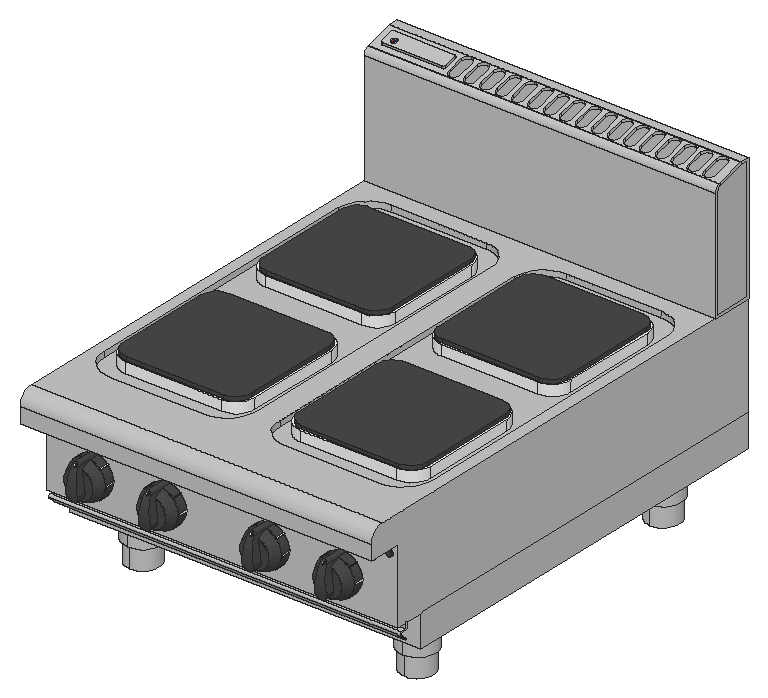
Revit family "QF_Moffat_RN8400SE-B_Electric_Cooktops_Sealed_Hobs_cat", category Specialty Equipment, Revit 2019 (continued)
Definition of nested family "High and Low Option"
  Automatic sketch dimensions
    Extrusion 2 sketch curve to Extrusion 2 sketch curve = 0.857 mm
    Extrusion 2 sketch curve to Extrusion 2 sketch curve = 9.154 mm
    Extrusion 2 sketch curve to Extrusion 2 sketch curve = 0.117 mm
    Extrusion 2 sketch curve to Extrusion 2 sketch curve = 0 mm
    Extrusion 9 sketch curve to Extrusion 9 sketch curve = 6.522 mm
    Extrusion 9 sketch curve to Extrusion 9 sketch curve = 8.8 mm
    Extrusion 9 sketch curve to Extrusion 9 sketch curve = 46.135 mm
    Extrusion 9 sketch curve to Extrusion 9 sketch curve = 63.6 mm
    Extrusion 9 sketch curve to Extrusion 9 sketch curve = 12.362 mm
    Extrusion 9 sketch curve to Extrusion 9 sketch curve = 187.738 mm
    Extrusion 8 sketch curve to Extrusion 8 sketch curve = 63.6 mm
    Extrusion 8 sketch curve to Extrusion 8 sketch curve = 187.855 mm
    Extrusion 8 sketch curve to Extrusion 8 sketch curve = 6.522 mm
    Extrusion 8 sketch curve to Extrusion 8 sketch curve = 2.278 mm
    Extrusion 8 sketch curve to Extrusion 8 sketch curve = 10.943 mm
    Extrusion 8 sketch curve to Extrusion 8 sketch curve = 0.117 mm
    Extrusion 8 sketch curve to Extrusion 8 sketch curve = 12.362 mm
    Extrusion 7 sketch curve to Extrusion 7 sketch curve = 5.694 mm
    Extrusion 7 sketch curve to Extrusion 7 sketch curve = 8.8 mm
    Extrusion 7 sketch curve to Extrusion 7 sketch curve = 0.857 mm
    Extrusion 7 sketch curve to Extrusion 7 sketch curve = 9.154 mm
    Extrusion 7 sketch curve to Extrusion 7 sketch curve = 0.117 mm
    Extrusion 7 sketch curve to Extrusion 7 sketch curve = 0 mm
  Nested families
    nested 1: "QF_LOGO_Waldorf" at (32, -70, 923.25), visible <- "Show Logo 1", type "QF_LOGO_Waldorf"
    nested 2: "QF_LOGO_Waldorf1" at (12.5, -38.053, 1110.468), visible <- "Show Logo 2", type "QF_LOGO_Waldorf1"
    nested 3: "QF_LOGO_Waldorf" at (32, -70, 923.25), visible <- "Show Logo 1", type "QF_LOGO_Waldorf", not visible
    nested 4: "QF_LOGO_Waldorf1" at (12.5, -38.053, 1110.468), visible <- "Show Logo 2", type "QF_LOGO_Waldorf1", not visible
  Definition of nested family "QF_LOGO_Waldorf"
    Parameters (values of type "QF_LOGO_Waldorf")
      Weight in Pounds = 0
      URL Cutsheet = ""
      Specification by User = ""
      Specification by Manufacturer = ""
      Serial Number = ""
      Seismic Rating = ""
      SMACNA No = ""
      Revision Code = ""
      NAFEM Spec ID Number = ""
      Masterspec = ""
      Length = 138 mm
      Item Number = ""
      Installed By = ""
      Identify Quantity as Lot = yes
      Height = 26.711 mm
      Furnished By = ""
      Foodservice Equipment Identifier = yes
      Depth = 3.175 mm
      CSI MasterFormat = ""
    Reference planes
      plane 1 "BACK": y = 0
      plane 2: z = 0
      plane 3 "LEFT": x = 0
      plane 4 "RIGHT": x = 138
      plane 5 "FRONT": y = -3.175
      plane 6 "TOP": z = 26.711
      plane 7 "Center Y": x = 69
      plane 8 "Center X": y = -1.587
    Forms (mm)
      Extrusion 1, solid
        sketch origin (0, 0, 0) x (1, 0, 0) y (0, 0, 1)
          loop
            line (109, 3.464) -> (109, 23.247)
            spline (109, 23.247) -> (108.966, 23.699) -> (108.864, 24.143) -> (108.696, 24.572) -> (108.464, 24.979) -> (108.173, 25.355) -> (107.828, 25.696) -> (107.435, 25.995) -> (107, 26.247) -> (106.531, 26.447) -> (106.035, 26.593) -> (105.522, 26.681) -> (105, 26.711)
            line (105, 26.711) -> (4, 26.711)
            spline (4, 26.711) -> (3.478, 26.681) -> (2.965, 26.593) -> (2.469, 26.447) -> (2, 26.247) -> (1.565, 25.995) -> (1.172, 25.696) -> (0.827, 25.355) -> (0.536, 24.979) -> (0.304, 24.572) -> (0.136, 24.143) -> (0.034, 23.699) -> (0, 23.247)
            line (0, 23.247) -> (0, 3.464)
            spline (0, 3.464) -> (0.034, 3.012) -> (0.136, 2.568) -> (0.304, 2.138) -> (0.536, 1.732) -> (0.827, 1.355) -> (1.172, 1.015) -> (1.565, 0.716) -> (2, 0.464) -> (2.469, 0.264) -> (2.965, 0.118) -> (3.478, 0.03) -> (4, 0)
            line (4, 0) -> (105, 0)
            spline (105, 0) -> (105.522, 0.03) -> (106.035, 0.118) -> (106.531, 0.264) -> (107, 0.464) -> (107.435, 0.716) -> (107.828, 1.015) -> (108.173, 1.355) -> (108.464, 1.732) -> (108.696, 2.138) -> (108.864, 2.568) -> (108.966, 3.012) -> (109, 3.464)
          loop
            line (14.75, 7.005) -> (14.75, 15.654)
            arc (14.75, 15.654) -> (10.425, 11.329) -> (14.75, 7.005) r 4.325
          loop
            line (15.25, 15.654) -> (15.25, 7.005)
            arc (15.25, 7.005) -> (19.575, 11.329) -> (15.25, 15.654) r 4.325
        from 0 to 3.2
      Extrusion 2, solid
        sketch origin (0, 0, 0) x (1, 0, 0) y (0, 0, 1)
          loop
            line (15.25, 15.654) -> (15.25, 7.005)
            arc (15.25, 7.005) -> (19.575, 11.329) -> (15.25, 15.654) r 4.325
        from 0 to 3.2
      Extrusion 3, solid
        sketch origin (16.271, 0, 0) x (-1, 0, 0) y (0, 0, -1)
          loop
            arc (1.521, -15.654) -> (5.846, -11.329) -> (1.521, -7.005) r 4.325
            line (1.521, -7.005) -> (1.521, -15.654)
        from 0 to 3.2
    Lines and regions (mm)
      Split face 1
        outline origin (0, -3.2, 0) x (1, 0, 0) y (0, 0, 1)
          loop
            spline (22.129, 16.975) -> (22.389, 15.984) -> (22.649, 15.002) -> (22.91, 14.028) -> (23.172, 13.065) -> (23.433, 12.11) -> (23.695, 11.166) -> (23.956, 10.232) -> (24.218, 9.308) -> (24.479, 8.396) -> (24.74, 7.495) -> (25, 6.605) -> (25.26, 5.728)
            line (25.26, 5.728) -> (29.463, 5.728)
            spline (29.463, 5.728) -> (29.582, 6.252) -> (29.701, 6.78) -> (29.82, 7.313) -> (29.939, 7.85) -> (30.058, 8.391) -> (30.178, 8.936) -> (30.297, 9.485) -> (30.416, 10.038) -> (30.536, 10.594) -> (30.655, 11.155) -> (30.775, 11.719) -> (30.894, 12.287)
            spline (30.894, 12.287) -> (31.018, 11.719) -> (31.142, 11.155) -> (31.266, 10.594) -> (31.39, 10.038) -> (31.514, 9.485) -> (31.638, 8.936) -> (31.762, 8.391) -> (31.885, 7.85) -> (32.009, 7.313) -> (32.133, 6.78) -> (32.256, 6.252) -> (32.379, 5.728)
            line (32.379, 5.728) -> (36.51, 5.728)
            spline (36.51, 5.728) -> (36.766, 6.605) -> (37.023, 7.495) -> (37.28, 8.396) -> (37.538, 9.308) -> (37.795, 10.232) -> (38.053, 11.166) -> (38.311, 12.11) -> (38.569, 13.065) -> (38.826, 14.028) -> (39.083, 15.002) -> (39.34, 15.984) -> (39.597, 16.975)
            line (39.597, 16.975) -> (35.637, 16.975)
            spline (35.637, 16.975) -> (35.523, 16.334) -> (35.41, 15.697) -> (35.296, 15.063) -> (35.182, 14.433) -> (35.068, 13.807) -> (34.954, 13.185) -> (34.84, 12.566) -> (34.726, 11.952) -> (34.612, 11.342) -> (34.497, 10.737) -> (34.383, 10.135) -> (34.269, 9.538)
            spline (34.269, 9.538) -> (34.138, 10.135) -> (34.008, 10.737) -> (33.877, 11.342) -> (33.746, 11.952) -> (33.616, 12.566) -> (33.485, 13.185) -> (33.354, 13.807) -> (33.224, 14.433) -> (33.093, 15.063) -> (32.963, 15.697) -> (32.833, 16.334) -> (32.703, 16.975)
            line (32.703, 16.975) -> (29.247, 16.975)
            spline (29.247, 16.975) -> (29.111, 16.334) -> (28.974, 15.697) -> (28.837, 15.063) -> (28.7, 14.433) -> (28.562, 13.807) -> (28.425, 13.185) -> (28.288, 12.566) -> (28.15, 11.952) -> (28.013, 11.342) -> (27.875, 10.737) -> (27.738, 10.135) -> (27.6, 9.538)
            spline (27.6, 9.538) -> (27.483, 10.135) -> (27.366, 10.737) -> (27.249, 11.342) -> (27.132, 11.952) -> (27.015, 12.566) -> (26.897, 13.185) -> (26.78, 13.807) -> (26.663, 14.433) -> (26.546, 15.063) -> (26.43, 15.697) -> (26.313, 16.334) -> (26.196, 16.975)
            line (26.196, 16.975) -> (22.129, 16.975)
      Split face 2
        outline origin (0, -3.2, 0) x (1, 0, 0) y (0, 0, 1)
          loop
            line (51.449, 5.728) -> (51.035, 6.606) -> (51.035, 11.169)
            spline (51.035, 11.169) -> (50.686, 12.42) -> (50.176, 13.224) -> (49.51, 13.708) -> (48.693, 13.995) -> (47.747, 14.152) -> (46.698, 14.207) -> (45.579, 14.186) -> (44.419, 14.114) -> (43.279, 13.929) -> (42.249, 13.481) -> (41.424, 12.614) -> (40.897, 11.169)
            line (40.897, 11.169) -> (44.617, 11.169) -> (44.988, 11.965)
            spline (44.988, 11.965) -> (47.294, 11.682) -> (46.856, 10.932) -> (45.527, 10.609) -> (43.858, 10.439) -> (42.259, 10.123) -> (41.078, 9.417) -> (40.563, 8.246) -> (40.689, 6.989) -> (41.407, 6.052) -> (42.774, 5.536) -> (44.847, 5.497) -> (47.306, 6.602)
            line (47.306, 6.602) -> (47.624, 5.728) -> (51.449, 5.728)
      Split face 3
        outline origin (0, -3.2, 0) x (1, 0, 0) y (0, 0, 1)
          loop
            line (47.264, 9.264) -> (44.938, 8.597)
            spline (44.938, 8.597) -> (44.508, 8.228) -> (44.402, 7.9) -> (44.548, 7.626) -> (44.877, 7.42) -> (45.317, 7.295) -> (45.797, 7.265) -> (46.252, 7.342) -> (46.65, 7.525) -> (46.971, 7.813) -> (47.194, 8.201) -> (47.298, 8.685) -> (47.264, 9.264)
      Split face 4
        outline origin (0, -3.2, 0) x (1, 0, 0) y (0, 0, 1)
          loop
            line (53.33, 16.975) -> (53.33, 5.728) -> (57.173, 5.728) -> (57.173, 16.975) -> (53.33, 16.975)
      Split face 5
        outline origin (0, -3.2, 0) x (1, 0, 0) y (0, 0, 1)
          loop
            line (65.795, 16.975) -> (65.795, 12.976)
            spline (65.795, 12.976) -> (63.839, 14.082) -> (62.087, 14.096) -> (60.633, 13.343) -> (59.574, 12.148) -> (58.99, 10.806) -> (58.867, 9.452) -> (59.156, 8.159) -> (59.81, 7) -> (60.786, 6.056) -> (62.111, 5.514) -> (63.868, 5.634) -> (66.137, 6.679)
            line (66.137, 6.679) -> (66.137, 5.728) -> (69.511, 5.728) -> (69.511, 16.975) -> (65.795, 16.975)
      Split face 6
        outline origin (0, -3.2, 0) x (1, 0, 0) y (0, 0, 1)
          loop
            spline (64.273, 7.499) -> (64.754, 7.57) -> (65.202, 7.777) -> (65.587, 8.106) -> (65.882, 8.535) -> (66.067, 9.034) -> (66.131, 9.57) -> (66.067, 10.106) -> (65.882, 10.605) -> (65.587, 11.034) -> (65.202, 11.363) -> (64.754, 11.57) -> (64.273, 11.64)
            spline (64.273, 11.64) -> (63.793, 11.57) -> (63.345, 11.363) -> (62.96, 11.034) -> (62.665, 10.605) -> (62.479, 10.106) -> (62.416, 9.57) -> (62.479, 9.034) -> (62.665, 8.535) -> (62.96, 8.106) -> (63.345, 7.777) -> (63.793, 7.57) -> (64.273, 7.499)
      Split face 7
        outline origin (0, -3.2, 0) x (1, 0, 0) y (0, 0, 1)
          loop
            spline (76.449, 5.305) -> (77.855, 5.457) -> (79.166, 5.901) -> (80.291, 6.607) -> (81.155, 7.527) -> (81.698, 8.599) -> (81.883, 9.749) -> (81.698, 10.899) -> (81.155, 11.97) -> (80.291, 12.891) -> (79.166, 13.597) -> (77.855, 14.041) -> (76.449, 14.192)
            spline (76.449, 14.192) -> (75.042, 14.041) -> (73.731, 13.597) -> (72.606, 12.891) -> (71.742, 11.97) -> (71.199, 10.899) -> (71.014, 9.749) -> (71.199, 8.599) -> (71.742, 7.527) -> (72.606, 6.607) -> (73.731, 5.901) -> (75.042, 5.457) -> (76.449, 5.305)
      Split face 8
        outline origin (0, -3.2, 0) x (1, 0, 0) y (0, 0, 1)
          loop
            spline (76.449, 7.654) -> (76.841, 7.725) -> (77.206, 7.934) -> (77.52, 8.267) -> (77.76, 8.701) -> (77.912, 9.206) -> (77.963, 9.749) -> (77.912, 10.291) -> (77.76, 10.796) -> (77.52, 11.23) -> (77.206, 11.563) -> (76.841, 11.772) -> (76.449, 11.843)
            spline (76.449, 11.843) -> (76.057, 11.772) -> (75.691, 11.563) -> (75.378, 11.23) -> (75.137, 10.796) -> (74.986, 10.291) -> (74.934, 9.749) -> (74.986, 9.206) -> (75.137, 8.701) -> (75.378, 8.267) -> (75.691, 7.934) -> (76.057, 7.725) -> (76.449, 7.654)
      Split face 9
        outline origin (0, -3.2, 0) x (1, 0, 0) y (0, 0, 1)
          loop
            line (86.998, 12.335) -> (86.998, 13.879) -> (83.479, 13.879) -> (83.479, 5.728) -> (87.312, 5.728) -> (87.312, 8.975)
            spline (87.312, 8.975) -> (87.364, 9.356) -> (87.458, 9.686) -> (87.594, 9.968) -> (87.769, 10.204) -> (87.982, 10.398) -> (88.229, 10.55) -> (88.509, 10.666) -> (88.82, 10.746) -> (89.16, 10.794) -> (89.525, 10.812) -> (89.915, 10.803) -> (90.327, 10.77)
            line (90.327, 10.77) -> (90.327, 14.113)
            spline (90.327, 14.113) -> (89.929, 14.127) -> (89.552, 14.111) -> (89.197, 14.066) -> (88.865, 13.991) -> (88.554, 13.887) -> (88.266, 13.754) -> (87.999, 13.591) -> (87.755, 13.399) -> (87.532, 13.177) -> (87.332, 12.926) -> (87.154, 12.645) -> (86.998, 12.335)
      Split face 10
        outline origin (0, -3.2, 0) x (1, 0, 0) y (0, 0, 1)
          loop
            line (92.082, 13.879) -> (90.894, 13.879) -> (90.894, 11.972) -> (92.082, 11.972) -> (92.082, 5.728) -> (95.871, 5.728) -> (95.871, 11.972) -> (97.5, 11.972) -> (97.5, 13.879) -> (95.871, 13.879)
            spline (95.871, 13.879) -> (95.843, 14.088) -> (95.845, 14.278) -> (95.877, 14.447) -> (95.939, 14.596) -> (96.03, 14.726) -> (96.151, 14.835) -> (96.301, 14.925) -> (96.482, 14.995) -> (96.692, 15.045) -> (96.931, 15.075) -> (97.201, 15.085) -> (97.5, 15.076)
            line (97.5, 15.076) -> (97.5, 17.266) -> (95.367, 17.266)
            spline (95.367, 17.266) -> (94.982, 17.253) -> (94.58, 17.21) -> (94.174, 17.132) -> (93.774, 17.013) -> (93.39, 16.846) -> (93.034, 16.627) -> (92.717, 16.349) -> (92.448, 16.007) -> (92.24, 15.595) -> (92.102, 15.106) -> (92.046, 14.537) -> (92.082, 13.879)
    Dimensions and locks
      equal spacing: plane 3 "LEFT", plane 7 "Center Y", plane 4 "RIGHT"
      "Length": plane 3 "LEFT" to plane 4 "RIGHT"
      equal spacing: plane 5 "FRONT", plane 8 "Center X", plane 1 "BACK"
      "Depth": plane 5 "FRONT" to plane 1 "BACK"
      "Height": plane 6 "TOP" to level
      plane 4 "RIGHT" to plane 3 "LEFT" = 138 mm
      aligned and locked: level to plane 2
    Automatic sketch dimensions
      Extrusion 1 sketch curve to plane 3 "LEFT" = 0 mm
      Extrusion 1 sketch curve to plane 6 "TOP" = 0 mm
      Extrusion 1 sketch curve to level = 0 mm
      plane 3 "LEFT" to Extrusion 1 sketch curve = 4 mm  (x2)
      Extrusion 1 sketch curve to Extrusion 1 sketch curve = 10.75 mm
      Extrusion 1 sketch curve to Extrusion 1 sketch curve = 0.5 mm
      plane 4 "RIGHT" to Extrusion 1 sketch curve = 33 mm
      Extrusion 1 sketch curve to Extrusion 1 sketch curve = 0 mm  (x3)
      Extrusion 1 sketch curve to Extrusion 1 sketch curve = 4 mm
      level to Extrusion 1 sketch curve = 3.464 mm  (x2)
      level to Extrusion 1 sketch curve = 7.005 mm
      Extrusion 1 sketch curve to Extrusion 1 sketch curve = 4.325 mm
      Extrusion 1 sketch curve to plane 6 "TOP" = 3.464 mm  (x2)
      Extrusion 2 sketch curve to Extrusion 2 sketch curve = 4.325 mm
      level to Extrusion 2 sketch curve = 7.005 mm
      plane 3 "LEFT" to Extrusion 2 sketch curve = 15.25 mm
      Extrusion 3 sketch curve to Extrusion 3 sketch curve = 4.325 mm
      Extrusion 3 sketch curve to level = 7.005 mm
      Extrusion 3 sketch curve to plane 3 "LEFT" = 14.75 mm
      Extrusion 1 to Split face 1 sketch curve = 6.879 mm
      Split face 1 sketch curve to Extrusion 1 = 5.728 mm
      Split face 1 sketch curve to Split face 1 sketch curve = 3.132 mm
      Split face 1 sketch curve to Split face 1 sketch curve = 4.068 mm
      Split face 1 sketch curve to Split face 1 sketch curve = 3.051 mm
      Split face 1 sketch curve to Split face 1 sketch curve = 4.203 mm
      Split face 1 sketch curve to Split face 1 sketch curve = 2.916 mm
      Split face 1 sketch curve to Split face 1 sketch curve = 3.456 mm
      Split face 1 sketch curve to Split face 1 sketch curve = 2.934 mm
      Split face 1 sketch curve to Split face 1 sketch curve = 4.131 mm
      Split face 1 sketch curve to Split face 1 sketch curve = 3.96 mm
      Split face 1 sketch curve to Split face 1 sketch curve = 0 mm  (x2)
      Split face 1 sketch curve to Extrusion 1 = 9.736 mm  (x2)
      Extrusion 1 to Split face 1 sketch curve = 6.337 mm
      Extrusion 1 to Split face 1 sketch curve = 6.231 mm
      Extrusion 1 to Split face 1 sketch curve = 3.184 mm
      Extrusion 1 to Split face 1 sketch curve = 13.135 mm
      Split face 1 sketch curve to Split face 1 sketch curve = 4.652 mm
      Split face 1 sketch curve to Split face 1 sketch curve = 3.593 mm
      Split face 1 sketch curve to Split face 1 sketch curve = 1.863 mm
      Split face 1 sketch curve to Split face 1 sketch curve = 0.713 mm
      Split face 1 sketch curve to Split face 1 sketch curve = 2.684 mm
      Split face 1 sketch curve to Split face 1 sketch curve = 3.294 mm
      Split face 1 sketch curve to Split face 1 sketch curve = 0.459 mm
      Split face 1 sketch curve to Split face 1 sketch curve = 2.775 mm
      Split face 1 sketch curve to Split face 1 sketch curve = 1.89 mm
      Split face 1 sketch curve to Split face 1 sketch curve = 0.685 mm
      Split face 1 sketch curve to Split face 1 sketch curve = 9.486 mm
      Split face 1 sketch curve to Split face 1 sketch curve = 16.213 mm
      Split face 1 sketch curve to Split face 1 sketch curve = 3.48 mm
      Split face 1 sketch curve to Split face 1 sketch curve = 4.918 mm
      Split face 1 sketch curve to Split face 1 sketch curve = 7.609 mm
      Split face 1 sketch curve to Split face 1 sketch curve = 0.01 mm  (x2)
      Split face 1 sketch curve to Split face 1 sketch curve = 0.002 mm
      Split face 2 sketch curve to Extrusion 1 = 11.169 mm
      Extrusion 1 to Split face 2 sketch curve = 25.647 mm
      Split face 2 sketch curve to Split face 2 sketch curve = 3.72 mm
      Split face 2 sketch curve to Extrusion 1 = 11.965 mm
      Split face 2 sketch curve to Split face 2 sketch curve = 0.371 mm
      Split face 2 sketch curve to Extrusion 1 = 6.602 mm
      Split face 2 sketch curve to Split face 2 sketch curve = 2.689 mm
      Split face 2 sketch curve to Split face 2 sketch curve = 0.318 mm
      Split face 2 sketch curve to Split face 2 sketch curve = 3.729 mm
      Split face 2 sketch curve to Split face 2 sketch curve = 0.414 mm
      Split face 2 sketch curve to Split face 2 sketch curve = 0.875 mm
      Split face 2 sketch curve to Split face 2 sketch curve = 0.878 mm
      Split face 3 sketch curve to Extrusion 1 = 8.597 mm
      Extrusion 1 to Split face 3 sketch curve = 29.688 mm
      Split face 3 sketch curve to Extrusion 1 = 9.264 mm
      Split face 3 sketch curve to Split face 3 sketch curve = 2.326 mm
      Split face 4 sketch curve to Extrusion 1 = 5.728 mm
      Extrusion 1 to Split face 4 sketch curve = 38.08 mm
      Split face 4 sketch curve to Split face 4 sketch curve = 3.843 mm
      Split face 4 sketch curve to Extrusion 1 = 9.736 mm
      Split face 5 sketch curve to Extrusion 1 = 12.976 mm
      Split face 5 sketch curve to Extrusion 1 = 43.205 mm
      Split face 5 sketch curve to Extrusion 1 = 6.679 mm
      Split face 5 sketch curve to Split face 5 sketch curve = 0.342 mm
      Split face 5 sketch curve to Split face 5 sketch curve = 3.375 mm
      Split face 5 sketch curve to Split face 5 sketch curve = 0.952 mm
      Split face 5 sketch curve to Split face 5 sketch curve = 3.998 mm
      Split face 6 sketch curve to Extrusion 1 = 7.499 mm
      Split face 6 sketch curve to Extrusion 1 = 44.727 mm
      Split face 6 sketch curve to Split face 6 sketch curve = 2.07 mm
      Split face 7 sketch curve to Extrusion 1 = 5.305 mm
      Split face 7 sketch curve to Extrusion 1 = 32.551 mm
      Split face 7 sketch curve to Split face 7 sketch curve = 4.443 mm
      Split face 8 sketch curve to Split face 8 sketch curve = 2.095 mm
      Split face 8 sketch curve to Extrusion 1 = 7.654 mm
      Split face 8 sketch curve to Extrusion 1 = 32.551 mm
      Split face 9 sketch curve to Extrusion 1 = 5.728 mm
      Split face 9 sketch curve to Extrusion 1 = 25.521 mm
      Split face 9 sketch curve to Split face 9 sketch curve = 3.519 mm
      Split face 9 sketch curve to Split face 9 sketch curve = 0.315 mm
      Split face 9 sketch curve to Split face 9 sketch curve = 3.33 mm
      Split face 9 sketch curve to Split face 9 sketch curve = 3.248 mm
      Split face 9 sketch curve to Split face 9 sketch curve = 1.795 mm
      Split face 9 sketch curve to Split face 9 sketch curve = 3.36 mm
      Split face 9 sketch curve to Split face 9 sketch curve = 1.545 mm
      Split face 9 sketch curve to Split face 9 sketch curve = 0.233 mm
      Split face 10 sketch curve to Extrusion 1 = 18.106 mm
      Split face 10 sketch curve to Split face 10 sketch curve = 1.188 mm  (x2)
      Split face 10 sketch curve to Split face 10 sketch curve = 3.285 mm
      Split face 10 sketch curve to Split face 10 sketch curve = 3.789 mm
      Split face 10 sketch curve to Split face 10 sketch curve = 0 mm  (x2)
      Split face 10 sketch curve to Split face 10 sketch curve = 1.629 mm
      Split face 10 sketch curve to Split face 10 sketch curve = 2.133 mm
      Split face 10 sketch curve to Extrusion 1 = 5.728 mm
      Split face 10 sketch curve to Split face 10 sketch curve = 6.245 mm
      Split face 10 sketch curve to Split face 10 sketch curve = 1.907 mm  (x2)
      Split face 10 sketch curve to Split face 10 sketch curve = 1.197 mm
      Split face 10 sketch curve to Split face 10 sketch curve = 2.19 mm
  Definition of nested family "QF_LOGO_Waldorf1"
    Parameters (values of type "QF_LOGO_Waldorf1")
      Weight in Pounds = 0
      URL Cutsheet = ""
      Specification by User = ""
      Specification by Manufacturer = ""
      Serial Number = ""
      Seismic Rating = ""
      SMACNA No = ""
      Revision Code = ""
      NAFEM Spec ID Number = ""
      Masterspec = ""
      Length = 138 mm
      Item Number = ""
      Installed By = ""
      Identify Quantity as Lot = yes
      Height = 26.711 mm
      Furnished By = ""
      Foodservice Equipment Identifier = yes
      Depth = 3.175 mm
      CSI MasterFormat = ""
    Reference planes
      plane 1 "BACK": y = 0
      plane 2: z = 0
      plane 3 "LEFT": x = 0
      plane 4 "RIGHT": x = 138
      plane 5 "FRONT": y = -3.175
      plane 6 "TOP": z = 26.711
      plane 7 "Center Y": x = 69
      plane 8 "Center X": y = -1.587
    Forms (mm)
      Extrusion 1, solid
        sketch origin (0, -12.9, 9.899) x (1, 0, 0) y (0, 0.965926, 0.258819)
          loop
            line (109, 3.464) -> (109, 23.247)
            spline (109, 23.247) -> (108.966, 23.699) -> (108.864, 24.143) -> (108.696, 24.572) -> (108.464, 24.979) -> (108.173, 25.355) -> (107.828, 25.696) -> (107.435, 25.995) -> (107, 26.247) -> (106.531, 26.447) -> (106.035, 26.593) -> (105.522, 26.681) -> (105, 26.711)
            line (105, 26.711) -> (4, 26.711)
            spline (4, 26.711) -> (3.478, 26.681) -> (2.965, 26.593) -> (2.469, 26.447) -> (2, 26.247) -> (1.565, 25.995) -> (1.172, 25.696) -> (0.827, 25.355) -> (0.536, 24.979) -> (0.304, 24.572) -> (0.136, 24.143) -> (0.034, 23.699) -> (0, 23.247)
            line (0, 23.247) -> (0, 3.464)
            spline (0, 3.464) -> (0.034, 3.012) -> (0.136, 2.568) -> (0.304, 2.138) -> (0.536, 1.732) -> (0.827, 1.355) -> (1.172, 1.015) -> (1.565, 0.716) -> (2, 0.464) -> (2.469, 0.264) -> (2.965, 0.118) -> (3.478, 0.03) -> (4, 0)
            line (4, 0) -> (105, 0)
            spline (105, 0) -> (105.522, 0.03) -> (106.035, 0.118) -> (106.531, 0.264) -> (107, 0.464) -> (107.435, 0.716) -> (107.828, 1.015) -> (108.173, 1.355) -> (108.464, 1.732) -> (108.696, 2.138) -> (108.864, 2.568) -> (108.966, 3.012) -> (109, 3.464)
          loop
            line (14.75, 7.005) -> (14.75, 15.654)
            arc (14.75, 15.654) -> (10.425, 11.329) -> (14.75, 7.005) r 4.325
          loop
            line (15.25, 15.654) -> (15.25, 7.005)
            arc (15.25, 7.005) -> (19.575, 11.329) -> (15.25, 15.654) r 4.325
        from 0 to 3.2
      Extrusion 2, solid
        sketch origin (0, -12.9, 9.899) x (1, 0, 0) y (0, 0.965926, 0.258819)
          loop
            line (15.25, 15.654) -> (15.25, 7.005)
            arc (15.25, 7.005) -> (19.575, 11.329) -> (15.25, 15.654) r 4.325
        from 0 to 3.2
      Extrusion 3, solid
        sketch origin (16.271, -12.9, 9.899) x (-1, 0, 0) y (0, -0.965926, -0.258819)
          loop
            arc (1.521, -15.654) -> (5.846, -11.329) -> (1.521, -7.005) r 4.325
            line (1.521, -7.005) -> (1.521, -15.654)
        from 0 to 3.2
    Lines and regions (mm)
      Split face 1
        outline origin (0, -13.729, 12.99) x (1, 0, 0) y (0, 0.965926, 0.258819)
          loop
            spline (22.129, 16.975) -> (22.389, 15.984) -> (22.649, 15.002) -> (22.91, 14.028) -> (23.172, 13.065) -> (23.433, 12.11) -> (23.695, 11.166) -> (23.956, 10.232) -> (24.218, 9.308) -> (24.479, 8.396) -> (24.74, 7.495) -> (25, 6.605) -> (25.26, 5.728)
            line (25.26, 5.728) -> (29.463, 5.728)
            spline (29.463, 5.728) -> (29.582, 6.252) -> (29.701, 6.78) -> (29.82, 7.313) -> (29.939, 7.85) -> (30.058, 8.391) -> (30.178, 8.936) -> (30.297, 9.485) -> (30.416, 10.038) -> (30.536, 10.594) -> (30.655, 11.155) -> (30.775, 11.719) -> (30.894, 12.287)
            spline (30.894, 12.287) -> (31.018, 11.719) -> (31.142, 11.155) -> (31.266, 10.594) -> (31.39, 10.038) -> (31.514, 9.485) -> (31.638, 8.936) -> (31.762, 8.391) -> (31.885, 7.85) -> (32.009, 7.313) -> (32.133, 6.78) -> (32.256, 6.252) -> (32.379, 5.728)
            line (32.379, 5.728) -> (36.51, 5.728)
            spline (36.51, 5.728) -> (36.766, 6.605) -> (37.023, 7.495) -> (37.28, 8.396) -> (37.538, 9.308) -> (37.795, 10.232) -> (38.053, 11.166) -> (38.311, 12.11) -> (38.569, 13.065) -> (38.826, 14.028) -> (39.083, 15.002) -> (39.34, 15.984) -> (39.597, 16.975)
            line (39.597, 16.975) -> (35.637, 16.975)
            spline (35.637, 16.975) -> (35.523, 16.334) -> (35.41, 15.697) -> (35.296, 15.063) -> (35.182, 14.433) -> (35.068, 13.807) -> (34.954, 13.185) -> (34.84, 12.566) -> (34.726, 11.952) -> (34.612, 11.342) -> (34.497, 10.737) -> (34.383, 10.135) -> (34.269, 9.538)
            spline (34.269, 9.538) -> (34.138, 10.135) -> (34.008, 10.737) -> (33.877, 11.342) -> (33.746, 11.952) -> (33.616, 12.566) -> (33.485, 13.185) -> (33.354, 13.807) -> (33.224, 14.433) -> (33.093, 15.063) -> (32.963, 15.697) -> (32.833, 16.334) -> (32.703, 16.975)
            line (32.703, 16.975) -> (29.247, 16.975)
            spline (29.247, 16.975) -> (29.111, 16.334) -> (28.974, 15.697) -> (28.837, 15.063) -> (28.7, 14.433) -> (28.562, 13.807) -> (28.425, 13.185) -> (28.288, 12.566) -> (28.15, 11.952) -> (28.013, 11.342) -> (27.875, 10.737) -> (27.738, 10.135) -> (27.6, 9.538)
            spline (27.6, 9.538) -> (27.483, 10.135) -> (27.366, 10.737) -> (27.249, 11.342) -> (27.132, 11.952) -> (27.015, 12.566) -> (26.897, 13.185) -> (26.78, 13.807) -> (26.663, 14.433) -> (26.546, 15.063) -> (26.43, 15.697) -> (26.313, 16.334) -> (26.196, 16.975)
            line (26.196, 16.975) -> (22.129, 16.975)
      Split face 2
        outline origin (0, -13.729, 12.99) x (1, 0, 0) y (0, 0.965926, 0.258819)
          loop
            line (51.449, 5.728) -> (51.035, 6.606) -> (51.035, 11.169)
            spline (51.035, 11.169) -> (50.686, 12.42) -> (50.176, 13.224) -> (49.51, 13.708) -> (48.693, 13.995) -> (47.747, 14.152) -> (46.698, 14.207) -> (45.579, 14.186) -> (44.419, 14.114) -> (43.279, 13.929) -> (42.249, 13.481) -> (41.424, 12.614) -> (40.897, 11.169)
            line (40.897, 11.169) -> (44.617, 11.169) -> (44.988, 11.965)
            spline (44.988, 11.965) -> (47.294, 11.682) -> (46.856, 10.932) -> (45.527, 10.609) -> (43.858, 10.439) -> (42.259, 10.123) -> (41.078, 9.417) -> (40.563, 8.246) -> (40.689, 6.989) -> (41.407, 6.052) -> (42.774, 5.536) -> (44.847, 5.497) -> (47.306, 6.602)
            line (47.306, 6.602) -> (47.624, 5.728) -> (51.449, 5.728)
      Split face 3
        outline origin (0, -13.729, 12.99) x (1, 0, 0) y (0, 0.965926, 0.258819)
          loop
            line (47.264, 9.264) -> (44.938, 8.597)
            spline (44.938, 8.597) -> (44.508, 8.228) -> (44.402, 7.9) -> (44.548, 7.626) -> (44.877, 7.42) -> (45.317, 7.295) -> (45.797, 7.265) -> (46.252, 7.342) -> (46.65, 7.525) -> (46.971, 7.813) -> (47.194, 8.201) -> (47.298, 8.685) -> (47.264, 9.264)
      Split face 4
        outline origin (0, -13.729, 12.99) x (1, 0, 0) y (0, 0.965926, 0.258819)
          loop
            line (53.33, 16.975) -> (53.33, 5.728) -> (57.173, 5.728) -> (57.173, 16.975) -> (53.33, 16.975)
      Split face 5
        outline origin (0, -13.729, 12.99) x (1, 0, 0) y (0, 0.965926, 0.258819)
          loop
            line (65.795, 16.975) -> (65.795, 12.976)
            spline (65.795, 12.976) -> (63.839, 14.082) -> (62.087, 14.096) -> (60.633, 13.343) -> (59.574, 12.148) -> (58.99, 10.806) -> (58.867, 9.452) -> (59.156, 8.159) -> (59.81, 7) -> (60.786, 6.056) -> (62.111, 5.514) -> (63.868, 5.634) -> (66.137, 6.679)
            line (66.137, 6.679) -> (66.137, 5.728) -> (69.511, 5.728) -> (69.511, 16.975) -> (65.795, 16.975)
      Split face 6
        outline origin (0, -13.729, 12.99) x (1, 0, 0) y (0, 0.965926, 0.258819)
          loop
            spline (64.273, 7.499) -> (64.754, 7.57) -> (65.202, 7.777) -> (65.587, 8.106) -> (65.882, 8.535) -> (66.067, 9.034) -> (66.131, 9.57) -> (66.067, 10.106) -> (65.882, 10.605) -> (65.587, 11.034) -> (65.202, 11.363) -> (64.754, 11.57) -> (64.273, 11.64)
            spline (64.273, 11.64) -> (63.793, 11.57) -> (63.345, 11.363) -> (62.96, 11.034) -> (62.665, 10.605) -> (62.479, 10.106) -> (62.416, 9.57) -> (62.479, 9.034) -> (62.665, 8.535) -> (62.96, 8.106) -> (63.345, 7.777) -> (63.793, 7.57) -> (64.273, 7.499)
      Split face 7
        outline origin (0, -13.729, 12.99) x (1, 0, 0) y (0, 0.965926, 0.258819)
          loop
            spline (76.449, 5.305) -> (77.855, 5.457) -> (79.166, 5.901) -> (80.291, 6.607) -> (81.155, 7.527) -> (81.698, 8.599) -> (81.883, 9.749) -> (81.698, 10.899) -> (81.155, 11.97) -> (80.291, 12.891) -> (79.166, 13.597) -> (77.855, 14.041) -> (76.449, 14.192)
            spline (76.449, 14.192) -> (75.042, 14.041) -> (73.731, 13.597) -> (72.606, 12.891) -> (71.742, 11.97) -> (71.199, 10.899) -> (71.014, 9.749) -> (71.199, 8.599) -> (71.742, 7.527) -> (72.606, 6.607) -> (73.731, 5.901) -> (75.042, 5.457) -> (76.449, 5.305)
      Split face 8
        outline origin (0, -13.729, 12.99) x (1, 0, 0) y (0, 0.965926, 0.258819)
          loop
            spline (76.449, 7.654) -> (76.841, 7.725) -> (77.206, 7.934) -> (77.52, 8.267) -> (77.76, 8.701) -> (77.912, 9.206) -> (77.963, 9.749) -> (77.912, 10.291) -> (77.76, 10.796) -> (77.52, 11.23) -> (77.206, 11.563) -> (76.841, 11.772) -> (76.449, 11.843)
            spline (76.449, 11.843) -> (76.057, 11.772) -> (75.691, 11.563) -> (75.378, 11.23) -> (75.137, 10.796) -> (74.986, 10.291) -> (74.934, 9.749) -> (74.986, 9.206) -> (75.137, 8.701) -> (75.378, 8.267) -> (75.691, 7.934) -> (76.057, 7.725) -> (76.449, 7.654)
      Split face 9
        outline origin (0, -13.729, 12.99) x (1, 0, 0) y (0, 0.965926, 0.258819)
          loop
            line (86.998, 12.335) -> (86.998, 13.879) -> (83.479, 13.879) -> (83.479, 5.728) -> (87.312, 5.728) -> (87.312, 8.975)
            spline (87.312, 8.975) -> (87.364, 9.356) -> (87.458, 9.686) -> (87.594, 9.968) -> (87.769, 10.204) -> (87.982, 10.398) -> (88.229, 10.55) -> (88.509, 10.666) -> (88.82, 10.746) -> (89.16, 10.794) -> (89.525, 10.812) -> (89.915, 10.803) -> (90.327, 10.77)
            line (90.327, 10.77) -> (90.327, 14.113)
            spline (90.327, 14.113) -> (89.929, 14.127) -> (89.552, 14.111) -> (89.197, 14.066) -> (88.865, 13.991) -> (88.554, 13.887) -> (88.266, 13.754) -> (87.999, 13.591) -> (87.755, 13.399) -> (87.532, 13.177) -> (87.332, 12.926) -> (87.154, 12.645) -> (86.998, 12.335)
      Split face 10
        outline origin (0, -13.729, 12.99) x (1, 0, 0) y (0, 0.965926, 0.258819)
          loop
            line (92.082, 13.879) -> (90.894, 13.879) -> (90.894, 11.972) -> (92.082, 11.972) -> (92.082, 5.728) -> (95.871, 5.728) -> (95.871, 11.972) -> (97.5, 11.972) -> (97.5, 13.879) -> (95.871, 13.879)
            spline (95.871, 13.879) -> (95.843, 14.088) -> (95.845, 14.278) -> (95.877, 14.447) -> (95.939, 14.596) -> (96.03, 14.726) -> (96.151, 14.835) -> (96.301, 14.925) -> (96.482, 14.995) -> (96.692, 15.045) -> (96.931, 15.075) -> (97.201, 15.085) -> (97.5, 15.076)
            line (97.5, 15.076) -> (97.5, 17.266) -> (95.367, 17.266)
            spline (95.367, 17.266) -> (94.982, 17.253) -> (94.58, 17.21) -> (94.174, 17.132) -> (93.774, 17.013) -> (93.39, 16.846) -> (93.034, 16.627) -> (92.717, 16.349) -> (92.448, 16.007) -> (92.24, 15.595) -> (92.102, 15.106) -> (92.046, 14.537) -> (92.082, 13.879)
    Dimensions and locks
      equal spacing: plane 3 "LEFT", plane 7 "Center Y", plane 4 "RIGHT"
      "Length": plane 3 "LEFT" to plane 4 "RIGHT"
      equal spacing: plane 5 "FRONT", plane 8 "Center X", plane 1 "BACK"
      "Depth": plane 5 "FRONT" to plane 1 "BACK"
      "Height": plane 6 "TOP" to level
      plane 4 "RIGHT" to plane 3 "LEFT" = 138 mm
      aligned and locked: level to plane 2
    Automatic sketch dimensions
      Extrusion 1 sketch curve to plane 3 "LEFT" = 0 mm
      plane 3 "LEFT" to Extrusion 1 sketch curve = 4 mm  (x2)
      Extrusion 1 sketch curve to Extrusion 1 sketch curve = 10.75 mm
      Extrusion 1 sketch curve to Extrusion 1 sketch curve = 0.5 mm
      plane 4 "RIGHT" to Extrusion 1 sketch curve = 33 mm
      Extrusion 1 sketch curve to Extrusion 1 sketch curve = 0 mm  (x3)
      Extrusion 1 sketch curve to Extrusion 1 sketch curve = 4 mm
      Extrusion 1 sketch curve to Extrusion 1 sketch curve = 3.464 mm  (x3)
      Extrusion 1 sketch curve to Extrusion 1 sketch curve = 3.541 mm
      Extrusion 1 sketch curve to Extrusion 1 sketch curve = 4.325 mm
      Extrusion 1 sketch curve to Extrusion 1 sketch curve = 19.783 mm
      Extrusion 1 sketch curve to Extrusion 1 sketch curve = 7.592 mm
      plane 3 "LEFT" to Extrusion 2 sketch curve = 15.25 mm
      Extrusion 2 sketch curve to Extrusion 2 sketch curve = 4.325 mm
      plane 3 "LEFT" to Extrusion 3 sketch curve = 14.75 mm
      Extrusion 3 sketch curve to Extrusion 3 sketch curve = 4.325 mm
      Extrusion 1 to Split face 1 sketch curve = 6.879 mm
      Split face 1 sketch curve to Extrusion 1 = 5.728 mm
      Split face 1 sketch curve to Split face 1 sketch curve = 3.132 mm
      Split face 1 sketch curve to Split face 1 sketch curve = 4.068 mm
      Split face 1 sketch curve to Split face 1 sketch curve = 3.051 mm
      Split face 1 sketch curve to Split face 1 sketch curve = 4.203 mm
      Split face 1 sketch curve to Split face 1 sketch curve = 2.916 mm
      Split face 1 sketch curve to Split face 1 sketch curve = 3.456 mm
      Split face 1 sketch curve to Split face 1 sketch curve = 2.934 mm
      Split face 1 sketch curve to Split face 1 sketch curve = 4.131 mm
      Split face 1 sketch curve to Split face 1 sketch curve = 3.96 mm
      Split face 1 sketch curve to Split face 1 sketch curve = 0 mm  (x2)
      Split face 1 sketch curve to Extrusion 1 = 9.736 mm  (x2)
      Extrusion 1 to Split face 1 sketch curve = 6.337 mm
      Extrusion 1 to Split face 1 sketch curve = 6.231 mm
      Extrusion 1 to Split face 1 sketch curve = 3.184 mm
      Extrusion 1 to Split face 1 sketch curve = 13.135 mm
      Split face 1 sketch curve to Split face 1 sketch curve = 4.652 mm
      Split face 1 sketch curve to Split face 1 sketch curve = 3.593 mm
      Split face 1 sketch curve to Split face 1 sketch curve = 1.863 mm
      Split face 1 sketch curve to Split face 1 sketch curve = 0.713 mm
      Split face 1 sketch curve to Split face 1 sketch curve = 2.684 mm
      Split face 1 sketch curve to Split face 1 sketch curve = 3.294 mm
      Split face 1 sketch curve to Split face 1 sketch curve = 0.459 mm
      Split face 1 sketch curve to Split face 1 sketch curve = 2.775 mm
      Split face 1 sketch curve to Split face 1 sketch curve = 1.89 mm
      Split face 1 sketch curve to Split face 1 sketch curve = 0.685 mm
      Split face 1 sketch curve to Split face 1 sketch curve = 9.486 mm
      Split face 1 sketch curve to Split face 1 sketch curve = 16.213 mm
      Split face 1 sketch curve to Split face 1 sketch curve = 3.48 mm
      Split face 1 sketch curve to Split face 1 sketch curve = 4.918 mm
      Split face 1 sketch curve to Split face 1 sketch curve = 7.609 mm
      Split face 1 sketch curve to Split face 1 sketch curve = 0.01 mm  (x2)
      Split face 1 sketch curve to Split face 1 sketch curve = 0.002 mm
      Split face 2 sketch curve to Extrusion 1 = 11.169 mm
      Extrusion 1 to Split face 2 sketch curve = 25.647 mm
      Split face 2 sketch curve to Split face 2 sketch curve = 3.72 mm
      Split face 2 sketch curve to Extrusion 1 = 11.965 mm
      Split face 2 sketch curve to Split face 2 sketch curve = 0.371 mm
      Split face 2 sketch curve to Extrusion 1 = 6.602 mm
      Split face 2 sketch curve to Split face 2 sketch curve = 2.689 mm
      Split face 2 sketch curve to Split face 2 sketch curve = 0.318 mm
      Split face 2 sketch curve to Split face 2 sketch curve = 3.729 mm
      Split face 2 sketch curve to Split face 2 sketch curve = 0.414 mm
      Split face 2 sketch curve to Split face 2 sketch curve = 0.875 mm
      Split face 2 sketch curve to Split face 2 sketch curve = 0.878 mm
      Split face 3 sketch curve to Extrusion 1 = 8.597 mm
      Extrusion 1 to Split face 3 sketch curve = 29.688 mm
      Split face 3 sketch curve to Extrusion 1 = 9.264 mm
      Split face 3 sketch curve to Split face 3 sketch curve = 2.326 mm
      Split face 4 sketch curve to Extrusion 1 = 5.728 mm
      Extrusion 1 to Split face 4 sketch curve = 38.08 mm
      Split face 4 sketch curve to Split face 4 sketch curve = 3.843 mm
      Split face 4 sketch curve to Extrusion 1 = 9.736 mm
      Split face 5 sketch curve to Extrusion 1 = 9.736 mm
      Split face 5 sketch curve to Extrusion 1 = 43.205 mm
      Split face 5 sketch curve to Extrusion 1 = 6.679 mm
      Split face 5 sketch curve to Split face 5 sketch curve = 0.342 mm
      Split face 5 sketch curve to Split face 5 sketch curve = 3.375 mm
      Split face 5 sketch curve to Split face 5 sketch curve = 0.952 mm
      Split face 5 sketch curve to Split face 5 sketch curve = 3.998 mm
      Split face 6 sketch curve to Extrusion 1 = 7.499 mm
      Split face 6 sketch curve to Extrusion 1 = 44.727 mm
      Split face 6 sketch curve to Split face 6 sketch curve = 2.07 mm
      Split face 7 sketch curve to Extrusion 1 = 5.305 mm
      Split face 7 sketch curve to Extrusion 1 = 32.551 mm
      Split face 7 sketch curve to Split face 7 sketch curve = 4.443 mm
      Split face 8 sketch curve to Extrusion 1 = 7.654 mm
      Split face 8 sketch curve to Extrusion 1 = 32.551 mm
      Split face 8 sketch curve to Split face 8 sketch curve = 2.095 mm
      Split face 9 sketch curve to Extrusion 1 = 5.728 mm
      Split face 9 sketch curve to Extrusion 1 = 25.521 mm
      Split face 9 sketch curve to Split face 9 sketch curve = 3.519 mm
      Split face 9 sketch curve to Split face 9 sketch curve = 0.315 mm
      Split face 9 sketch curve to Split face 9 sketch curve = 3.33 mm
      Split face 9 sketch curve to Split face 9 sketch curve = 3.248 mm
      Split face 9 sketch curve to Split face 9 sketch curve = 1.795 mm
      Split face 9 sketch curve to Split face 9 sketch curve = 3.36 mm
      Split face 9 sketch curve to Split face 9 sketch curve = 1.545 mm
      Split face 9 sketch curve to Split face 9 sketch curve = 0.233 mm
      Split face 10 sketch curve to Extrusion 1 = 18.106 mm
      Split face 10 sketch curve to Split face 10 sketch curve = 1.188 mm  (x2)
      Split face 10 sketch curve to Split face 10 sketch curve = 3.285 mm
      Split face 10 sketch curve to Split face 10 sketch curve = 3.789 mm
      Split face 10 sketch curve to Split face 10 sketch curve = 0 mm  (x2)
      Split face 10 sketch curve to Split face 10 sketch curve = 1.629 mm
      Split face 10 sketch curve to Split face 10 sketch curve = 2.133 mm
      Split face 10 sketch curve to Extrusion 1 = 5.728 mm
      Split face 10 sketch curve to Split face 10 sketch curve = 6.245 mm
      Split face 10 sketch curve to Split face 10 sketch curve = 1.907 mm  (x2)
      Split face 10 sketch curve to Split face 10 sketch curve = 1.197 mm
      Split face 10 sketch curve to Split face 10 sketch curve = 2.19 mm
Definition of nested family "RN8400SE-B"
  Parameters (values of type "E514S-B")
    Weight in Kilograms = 110
    URL Cutsheet = ""
    Specification by User = ""
    Specification by Manufacturer = ""
    Serial Number = ""
    Seismic Rating = ""
    SMACNA No = ""
    Revision Code = ""
    NAFEM Spec ID Number = ""
    Model = "RN8400SE-B"
    Masterspec = ""
    Manufacturer = "Moffat"
    Length = 600 mm
    Item Number = ""
    Installed By = ""
    Identify Quantity as Lot = yes
    Height = 315 mm
    Furnished By = ""
    Foodservice Equipment Identifier = yes
    Description = "Electric Cooktops Sealed Hobs"
    Depth = 805 mm
    CSI MasterFormat = ""
  Reference planes
    plane 1 "BACK": y = 0
    plane 2: z = 0
    plane 3 "LEFT": x = 0
    plane 4 "RIGHT": x = 600
    plane 5 "FRONT": y = -805
    plane 6 "TOP": z = 315
    plane 7 "Center Y": x = 300
    plane 8 "Center X": y = -402.5
    plane 9: x = 65.5
    plane 10: x = 87.5
    plane 11: x = 211.766
    plane 12: y = -30
    plane 13: x = 470
    plane 14: x = 512.5
    plane 15: x = 388.234
    plane 16: x = 534.5
  Forms (mm)
    Extrusion 1, solid
      sketch origin (0, 0, 0) x (0, 1, 0) y (0, 0, 1)
        loop
          line (0, 140) -> (0, 315) -> (-781, 315)
          arc (-781, 315) -> (-797.971, 307.971) -> (-805, 291) r 24
          line (-805, 291) -> (-805, 266) -> (-749, 266) -> (-749, 140) -> (0, 140)
      from 0 to 600
    Extrusion 2, void
      sketch origin (0, -773.8, 315) x (0, 1, 0) y (-1, 0, 0)
        loop
          arc (673.6, -69) -> (658.955, -33.645) -> (623.6, -19) r 50
          line (623.6, -19) -> (123.399, -19)
          arc (123.399, -19) -> (88.044, -33.645) -> (73.399, -69) r 50
          line (73.399, -69) -> (73.399, -231)
          arc (73.399, -231) -> (88.044, -266.355) -> (123.399, -281) r 50
          line (123.399, -281) -> (623.6, -281)
          arc (623.6, -281) -> (658.955, -266.355) -> (673.6, -231) r 50
          line (673.6, -231) -> (673.6, -69)
        loop
          line (673.6, -531) -> (673.6, -369)
          arc (673.6, -369) -> (658.955, -333.645) -> (623.6, -319) r 50
          line (623.6, -319) -> (123.399, -319)
          arc (123.399, -319) -> (88.044, -333.645) -> (73.399, -369) r 50
          line (73.399, -369) -> (73.399, -531)
          arc (73.399, -531) -> (88.044, -566.355) -> (123.399, -581) r 50
          line (123.399, -581) -> (623.6, -581)
          arc (623.6, -581) -> (658.955, -566.355) -> (673.6, -531) r 50
      from 0 to -9.5
    Extrusion 3, solid
      sketch origin (0, -773.8, 305.5) x (0, 1, 0) y (-1, 0, 0)
        loop
          arc (635.218, -68) -> (625.846, -45.373) -> (603.218, -36) r 32
          line (603.218, -36) -> (440.356, -36)
          arc (440.356, -36) -> (417.729, -45.373) -> (408.356, -68) r 32
          line (408.356, -68) -> (408.356, -232)
          arc (408.356, -232) -> (417.729, -254.627) -> (440.356, -264) r 32
          line (440.356, -264) -> (603.218, -264)
          arc (603.218, -264) -> (625.846, -254.627) -> (635.218, -232) r 32
          line (635.218, -232) -> (635.218, -68)
        loop
          arc (335.256, -68) -> (325.884, -45.373) -> (303.256, -36) r 32
          line (303.256, -36) -> (140.282, -36)
          arc (140.282, -36) -> (117.655, -45.373) -> (108.282, -68) r 32
          line (108.282, -68) -> (108.282, -232)
          arc (108.282, -232) -> (117.655, -254.627) -> (140.282, -264) r 32
          line (140.282, -264) -> (303.256, -264)
          arc (303.256, -264) -> (325.884, -254.627) -> (335.256, -232) r 32
          line (335.256, -232) -> (335.256, -68)
        loop
          arc (635.218, -368) -> (625.846, -345.373) -> (603.218, -336) r 32
          line (603.218, -336) -> (440.356, -336)
          arc (440.356, -336) -> (417.728, -345.373) -> (408.356, -368) r 32
          line (408.356, -368) -> (408.356, -532)
          arc (408.356, -532) -> (417.728, -554.627) -> (440.356, -564) r 32
          line (440.356, -564) -> (603.218, -564)
          arc (603.218, -564) -> (625.846, -554.627) -> (635.218, -532) r 32
          line (635.218, -532) -> (635.218, -368)
        loop
          arc (335.258, -368) -> (325.885, -345.373) -> (303.258, -336) r 32
          line (303.258, -336) -> (140.279, -336)
          arc (140.279, -336) -> (117.652, -345.373) -> (108.279, -368) r 32
          line (108.279, -368) -> (108.279, -532)
          arc (108.279, -532) -> (117.652, -554.627) -> (140.279, -564) r 32
          line (140.279, -564) -> (303.258, -564)
          arc (303.258, -564) -> (325.885, -554.627) -> (335.258, -532) r 32
          line (335.258, -532) -> (335.258, -368)
      from 0 to 17.8
    Extrusion 4, solid
      sketch origin (0, -773.8, 323.3) x (0, 1, 0) y (-1, 0, 0)
        loop
          arc (631.8, -67) -> (623.892, -47.908) -> (604.8, -40) r 27
          line (604.8, -40) -> (438.79, -40)
          arc (438.79, -40) -> (419.699, -47.908) -> (411.79, -67) r 27
          line (411.79, -67) -> (411.79, -233)
          arc (411.79, -233) -> (419.699, -252.092) -> (438.79, -260) r 27
          line (438.79, -260) -> (604.8, -260)
          arc (604.8, -260) -> (623.892, -252.092) -> (631.8, -233) r 27
          line (631.8, -233) -> (631.8, -67)
        loop
          arc (331.8, -67) -> (323.892, -47.908) -> (304.8, -40) r 27
          line (304.8, -40) -> (138.8, -40)
          arc (138.8, -40) -> (119.708, -47.908) -> (111.8, -67) r 27
          line (111.8, -67) -> (111.8, -233)
          arc (111.8, -233) -> (119.708, -252.092) -> (138.8, -260) r 27
          line (138.8, -260) -> (304.8, -260)
          arc (304.8, -260) -> (323.892, -252.092) -> (331.8, -233) r 27
          line (331.8, -233) -> (331.8, -67)
        loop
          line (631.8, -533) -> (631.8, -367)
          arc (631.8, -367) -> (623.892, -347.908) -> (604.8, -340) r 27
          line (604.8, -340) -> (438.79, -340)
          arc (438.79, -340) -> (419.699, -347.908) -> (411.79, -367) r 27
          line (411.79, -367) -> (411.79, -533)
          arc (411.79, -533) -> (419.699, -552.092) -> (438.79, -560) r 27
          line (438.79, -560) -> (604.8, -560)
          arc (604.8, -560) -> (623.892, -552.092) -> (631.8, -533) r 27
        loop
          line (331.8, -533) -> (331.8, -367)
          arc (331.8, -367) -> (323.892, -347.908) -> (304.8, -340) r 27
          line (304.8, -340) -> (138.8, -340)
          arc (138.8, -340) -> (119.708, -347.908) -> (111.8, -367) r 27
          line (111.8, -367) -> (111.8, -533)
          arc (111.8, -533) -> (119.708, -552.092) -> (138.8, -560) r 27
          line (138.8, -560) -> (304.8, -560)
          arc (304.8, -560) -> (323.892, -552.092) -> (331.8, -533) r 27
      from 0 to 6.1
    Extrusion 5, solid
      sketch origin (0, 0, 0) x (0, 1, 0) y (0, 0, 1)
        loop
          line (-699, 85) -> (0, 85) -> (0, 140) -> (-699, 140) -> (-699, 85)
      from 0 to 600
    Extrusion 6, solid
      sketch origin (0, 0, 0) x (0, 1, 0) y (0, 0, 1)
        loop
          line (-730.6, 140) -> (-730.6, 130) -> (-740.105, 130)
          arc (-740.105, 130) -> (-743.076, 128.015) -> (-742.379, 124.511) r 3.215
          line (-742.379, 124.511) -> (-731.85, 113.982) -> (-730.719, 115.113) -> (-741.247, 125.642)
          arc (-741.247, 125.642) -> (-741.597, 127.403) -> (-740.105, 128.4) r 1.615
          line (-740.105, 128.4) -> (-729, 128.4) -> (-729, 140) -> (-730.6, 140)
      from 0 to 600
    Extrusion 7, solid
      sketch origin (300, 175.397, 1219.2) x (0, 1, 0) y (0, 0, 1)
        loop
          line (-874.397, -1109.2) -> (-889.234, -1109.2)
          arc (-889.234, -1109.2) -> (-890.834, -1110.8) -> (-889.234, -1112.4) r 1.6
          line (-889.234, -1112.4) -> (-874.397, -1112.4) -> (-874.397, -1109.2)
      from -250 to 250
    Extrusion 8, solid
      sketch origin (0, -749, 107.5) x (0, 0, 1) y (-1, 0, 0)
        loop
          circle (129.8, -432.5) r 7.15
        loop
          circle (129.8, -557.5) r 7.15
        loop
          circle (129.8, -131.766) r 7.15
        loop
          circle (129.8, -256.766) r 7.15
      from 0 to 1.6
    Extrusion 9, solid
      sketch origin (0, -749, 107.5) x (0, 0, 1) y (-1, 0, 0)
        loop
          circle (142.343, -13.157) r 5
        loop
          circle (142.343, -586.843) r 5
      from 0 to 1.6
    Extrusion 10, solid
      sketch origin (-30, -689.8, 85) x (1, 0, 0) y (0, -1, 0)
        loop
          circle (500, -659.8) r 6.35
      from 0 to 1.6
  Cuts and joins
    Extrusion 2 cuts Extrusion 1
  Lines and regions (mm)
    symbolic lines
      curve 1: line (0, 0, 0) -> (600, 0, 0)
      curve 2: line (0, -805, 0) -> (0, 0, 0)
      curve 3: line (600, -805, 0) -> (0, -805, 0)
      curve 4: line (600, 0, 0) -> (600, -805, 0)
      curve 5: arc (69, -700.401, 0) -> (33.645, -685.756, 0) -> (19, -650.401, 0) r 50
      curve 6: line (19, -650.401, 0) -> (19, -150.2, 0)
      curve 7: arc (19, -150.2, 0) -> (33.645, -114.845, 0) -> (69, -100.2, 0) r 50
      curve 8: line (69, -100.2, 0) -> (231, -100.2, 0)
      curve 9: arc (231, -100.2, 0) -> (266.355, -114.845, 0) -> (281, -150.2, 0) r 50
      curve 10: line (281, -150.2, 0) -> (281, -650.401, 0)
      curve 11: arc (281, -650.401, 0) -> (266.355, -685.756, 0) -> (231, -700.401, 0) r 50
      curve 12: line (231, -700.401, 0) -> (69, -700.401, 0)
      curve 13: arc (369, -700.401, 0) -> (333.645, -685.756, 0) -> (319, -650.401, 0) r 50
      curve 14: line (319, -650.401, 0) -> (319, -150.2, 0)
      curve 15: arc (319, -150.2, 0) -> (333.645, -114.845, 0) -> (369, -100.2, 0) r 50
      curve 16: line (369, -100.2, 0) -> (531, -100.2, 0)
      curve 17: arc (531, -100.2, 0) -> (566.355, -114.845, 0) -> (581, -150.2, 0) r 50
      curve 18: line (581, -150.2, 0) -> (581, -650.401, 0)
      curve 19: arc (581, -650.401, 0) -> (566.355, -685.756, 0) -> (531, -700.401, 0) r 50
      curve 20: line (531, -700.401, 0) -> (369, -700.401, 0)
      curve 21: arc (232, -665.518, 0) -> (254.627, -656.145, 0) -> (264, -633.518, 0) r 32
      curve 22: line (264, -633.518, 0) -> (264, -470.544, 0)
      curve 23: arc (264, -470.544, 0) -> (254.627, -447.916, 0) -> (232, -438.544, 0) r 32
      curve 24: line (232, -438.544, 0) -> (68, -438.544, 0)
      curve 25: arc (68, -438.544, 0) -> (45.373, -447.916, 0) -> (36, -470.544, 0) r 32
      curve 26: line (36, -470.544, 0) -> (36, -633.518, 0)
      curve 27: arc (36, -633.518, 0) -> (45.373, -656.145, 0) -> (68, -665.518, 0) r 32
      curve 28: line (68, -665.518, 0) -> (232, -665.518, 0)
      curve 29: arc (233, -662, 0) -> (252.092, -654.092, 0) -> (260, -635, 0) r 27
      curve 30: line (260, -635, 0) -> (260, -469, 0)
      curve 31: arc (260, -469, 0) -> (252.092, -449.908, 0) -> (233, -442, 0) r 27
      curve 32: line (233, -442, 0) -> (67, -442, 0)
      curve 33: arc (67, -442, 0) -> (47.908, -449.908, 0) -> (40, -469, 0) r 27
      curve 34: line (40, -469, 0) -> (40, -635, 0)
      curve 35: arc (40, -635, 0) -> (47.908, -654.092, 0) -> (67, -662, 0) r 27
      curve 36: line (67, -662, 0) -> (233, -662, 0)
      curve 37: arc (336, -633.521, 0) -> (345.373, -656.148, 0) -> (368, -665.521, 0) r 32
      curve 38: line (368, -665.521, 0) -> (532, -665.521, 0)
      curve 39: arc (532, -665.521, 0) -> (554.627, -656.148, 0) -> (564, -633.521, 0) r 32
      curve 40: line (564, -633.521, 0) -> (564, -470.542, 0)
      curve 41: arc (564, -470.542, 0) -> (554.627, -447.915, 0) -> (532, -438.542, 0) r 32
      curve 42: line (532, -438.542, 0) -> (368, -438.542, 0)
      curve 43: arc (368, -438.542, 0) -> (345.373, -447.915, 0) -> (336, -470.542, 0) r 32
      curve 44: line (336, -470.542, 0) -> (336, -633.521, 0)
      curve 45: arc (340, -635, 0) -> (347.908, -654.092, 0) -> (367, -662, 0) r 27
      curve 46: line (367, -662, 0) -> (533, -662, 0)
      curve 47: arc (533, -662, 0) -> (552.092, -654.092, 0) -> (560, -635, 0) r 27
      curve 48: line (560, -635, 0) -> (560, -469, 0)
      curve 49: arc (560, -469, 0) -> (552.092, -449.908, 0) -> (533, -442, 0) r 27
      curve 50: line (533, -442, 0) -> (367, -442, 0)
      curve 51: arc (367, -442, 0) -> (347.908, -449.908, 0) -> (340, -469, 0) r 27
      curve 52: line (340, -469, 0) -> (340, -635, 0)
      curve 53: arc (340, -335.01, 0) -> (347.908, -354.101, 0) -> (367, -362.01, 0) r 27
      curve 54: line (367, -362.01, 0) -> (533, -362.01, 0)
      curve 55: arc (533, -362.01, 0) -> (552.092, -354.101, 0) -> (560, -335.01, 0) r 27
      curve 56: line (560, -335.01, 0) -> (560, -169, 0)
      curve 57: arc (560, -169, 0) -> (552.092, -149.908, 0) -> (533, -142, 0) r 27
      curve 58: line (533, -142, 0) -> (367, -142, 0)
      curve 59: arc (367, -142, 0) -> (347.908, -149.908, 0) -> (340, -169, 0) r 27
      curve 60: line (340, -169, 0) -> (340, -335.01, 0)
      curve 61: arc (336, -333.444, 0) -> (345.373, -356.072, 0) -> (368, -365.444, 0) r 32
      curve 62: line (368, -365.444, 0) -> (532, -365.444, 0)
      curve 63: arc (532, -365.444, 0) -> (554.627, -356.072, 0) -> (564, -333.444, 0) r 32
      curve 64: line (564, -333.444, 0) -> (564, -170.582, 0)
      curve 65: arc (564, -170.582, 0) -> (554.627, -147.954, 0) -> (532, -138.582, 0) r 32
      curve 66: line (532, -138.582, 0) -> (368, -138.582, 0)
      curve 67: arc (368, -138.582, 0) -> (345.373, -147.954, 0) -> (336, -170.582, 0) r 32
      curve 68: line (336, -170.582, 0) -> (336, -333.444, 0)
      curve 69: arc (232, -365.444, 0) -> (254.627, -356.071, 0) -> (264, -333.444, 0) r 32
      curve 70: line (264, -333.444, 0) -> (264, -170.582, 0)
      curve 71: arc (264, -170.582, 0) -> (254.627, -147.954, 0) -> (232, -138.582, 0) r 32
      curve 72: line (232, -138.582, 0) -> (68, -138.582, 0)
      curve 73: arc (68, -138.582, 0) -> (45.373, -147.954, 0) -> (36, -170.582, 0) r 32
      curve 74: line (36, -170.582, 0) -> (36, -333.444, 0)
      curve 75: arc (36, -333.444, 0) -> (45.373, -356.071, 0) -> (68, -365.444, 0) r 32
      curve 76: line (68, -365.444, 0) -> (232, -365.444, 0)
      curve 77: arc (233, -362.01, 0) -> (252.092, -354.101, 0) -> (260, -335.01, 0) r 27
      curve 78: line (260, -335.01, 0) -> (260, -169, 0)
      curve 79: arc (260, -169, 0) -> (252.092, -149.908, 0) -> (233, -142, 0) r 27
      curve 80: line (233, -142, 0) -> (67, -142, 0)
      curve 81: arc (67, -142, 0) -> (47.908, -149.908, 0) -> (40, -169, 0) r 27
      curve 82: line (40, -169, 0) -> (40, -335.01, 0)
      curve 83: arc (40, -335.01, 0) -> (47.908, -354.101, 0) -> (67, -362.01, 0) r 27
      curve 84: line (67, -362.01, 0) -> (233, -362.01, 0)
  Dimensions and locks
    equal spacing: plane 3 "LEFT", plane 7 "Center Y", plane 4 "RIGHT"
    "Length": plane 3 "LEFT" to plane 4 "RIGHT"
    equal spacing: plane 5 "FRONT", plane 8 "Center X", plane 1 "BACK"
    "Depth": plane 5 "FRONT" to plane 1 "BACK"
    plane 4 "RIGHT" to plane 3 "LEFT" = 600 mm
    plane 1 "BACK" to plane 5 "FRONT" = 805 mm
    plane 6 "TOP" to plane 2 = 315 mm
    cut or joined group of Extrusion 1, Extrusion 2 to plane 2 = 315 mm
    plane 2 to Extrusion 5 = 85 mm
    plane 1 "BACK" to nested 5 = 100 mm
    nested 5 to nested 1 = 525 mm
    plane 13 to plane 4 "RIGHT" = 130 mm
    plane 9 to plane 16 = 469 mm
    plane 1 "BACK" to plane 12 = 30 mm
    "Height": plane 6 "TOP" to level
    aligned and locked: level to plane 2
  Automatic sketch dimensions
    Extrusion 3 sketch curve to Extrusion 2 = 34.883 mm
    Extrusion 3 sketch curve to Extrusion 2 = 17 mm  (x6)
    Extrusion 3 sketch curve to Extrusion 3 sketch curve = 32 mm  (x11)
    Extrusion 3 sketch curve to Extrusion 2 = 49 mm  (x5)
    Extrusion 3 sketch curve to Extrusion 3 sketch curve = 162.974 mm
    Extrusion 3 sketch curve to Extrusion 3 sketch curve = 73.1 mm
    Extrusion 3 sketch curve to Extrusion 2 = 70.382 mm  (x4)
    Extrusion 5 sketch curve to plane 1 "BACK" = 0 mm
    Extrusion 5 sketch curve to plane 5 "FRONT" = 106 mm
    level to Extrusion 5 sketch curve = 85 mm
    Extrusion 5 sketch curve to Extrusion 5 sketch curve = 55 mm
    Extrusion 6 sketch curve to Extrusion 6 sketch curve = 0 mm  (x2)
    Extrusion 6 sketch curve to plane 5 "FRONT" = 62.621 mm
    Extrusion 6 sketch curve to Extrusion 6 sketch curve = 1.131 mm  (x3)
    Extrusion 6 sketch curve to Extrusion 6 sketch curve = 1.142 mm  (x2)
    Extrusion 6 sketch curve to Extrusion 6 sketch curve = 10.529 mm
    Extrusion 6 sketch curve to Extrusion 6 sketch curve = 9.505 mm
    Extrusion 6 sketch curve to Extrusion 6 sketch curve = 1.6 mm
    level to Extrusion 6 sketch curve = 113.982 mm
    Extrusion 6 sketch curve to Extrusion 6 sketch curve = 10 mm
    Extrusion 1 to Extrusion 9 sketch curve = 13.157 mm  (x2)
    Extrusion 10 sketch curve to Extrusion 5 = 30 mm
    Extrusion 10 sketch curve to Extrusion 5 = 130 mm
    Extrusion 7 sketch curve to plane 5 "FRONT" = 91.163 mm
    Extrusion 7 sketch curve to Extrusion 7 sketch curve = 14.837 mm
    level to Extrusion 7 sketch curve = 106.8 mm
    Extrusion 7 sketch curve to Extrusion 7 sketch curve = 1.6 mm
    Extrusion 1 to Extrusion 8 sketch curve = 42.5 mm
    Extrusion 8 sketch curve to Extrusion 8 sketch curve = 125 mm  (x2)
